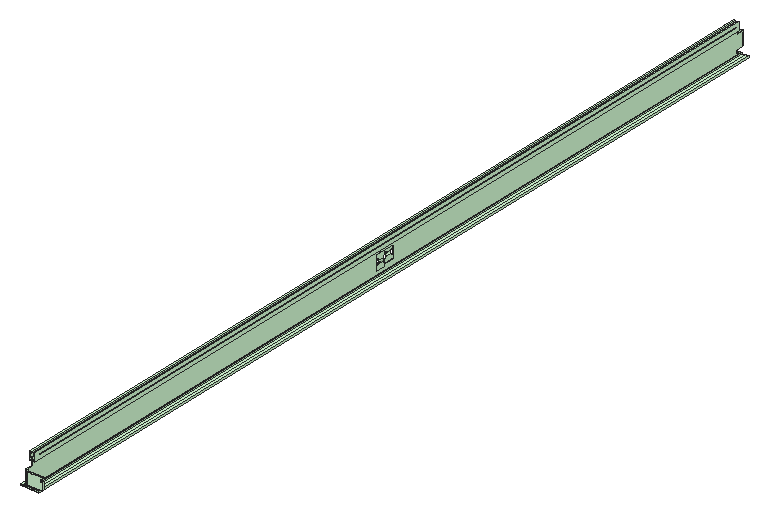
Revit family "eTバー4025メインクロス(600グリッド用)", category 機械設備, Revit 2020
Family settings
  丸型コネクタ寸法 = 直径を使用
  種別 = なし
  パーツ タイプ = 標準
  作業面ベース = いいえ
  常に垂直 = はい
  ロード時にボイドで切り取り = いいえ
  共有 = いいえ
  部屋計算ポイント = いいえ
Parameters
  製造元 = "株式会社桐井製作所"
  既定の高さ = 0 mm
  URL = "https://www.kirii.co.jp/"
  K_長さ(mm) = 1200 mm
  K_材質 = "溶融亜鉛めっき鋼板及び鋼帯SGCC 一般用　カラー鋼板"
  K_品名 = "eTバー4025メインクロス(600グリッド用)"
  K_名称 = "Tバー"
  K_入数 = "25"
  K_バージョン情報 = "20220915"
  K_めっき付着量 = "JIS G 3302 Z12、カラー鋼板　塗装膜厚20μ(白色)"
  K_JIS規格 = "JIS G 3302"
Reference planes
  plane 1 "中心(正面/背面)": y = 0
  plane 2: z = 0
  plane 3 "中心(左/右)": x = 0
  plane 4: y = 1200
Forms (mm)
  Extrusion 1, solid
    sketch origin (0, -1320, 7.1) x (-1, 0, 0) y (0, 0, 1)
      loop
        line (0.65, 26.532) -> (2.4, 24.9) -> (3.5, 24.9) -> (3.5, 34.9) -> (1.403, 34.9) -> (1.403, 33.4) -> (2.203, 33.4) -> (2.141, 29.141) -> (1.059, 28.059) -> (-0.917, 28) -> (-2.141, 29.141) -> (-2.203, 33.4) -> (-1.403, 33.4) -> (-1.403, 34.9) -> (-3.5, 34.9) -> (-3.5, 24.9) -> (-2.4, 24.9) -> (-0.65, 26.476) -> (-0.65, -5.1) -> (-2.488, -5.1) -> (-2.488, -4.3) -> (-3.5, -4.3) -> (-3.5, -5.9) -> (-8.5, -5.9) -> (-8.5, -5.1) -> (-12.5, -5.1) -> (-12.5, -7.1) -> (12.5, -7.1) -> (12.5, -5.1) -> (8.5, -5.1) -> (8.5, -5.9) -> (3.5, -5.9) -> (3.5, -4.3) -> (2.488, -4.3) -> (2.488, -5.1) -> (0.65, -5.1) -> (0.65, 26.532)
    from 1320 to 2520
  Extrusion 2, void
    sketch origin (0.4, 300, 31.85) x (0, 0, 1) y (0, 1, 0)
      loop
        line (-5.5, 284.4) -> (-5.5, 315.6) -> (-23.1, 315.6) -> (-23.1, 284.4) -> (-5.5, 284.4)
    from -0.25 to 1.05
  Extrusion 3, void
    sketch origin (0, 0, 0) x (0, 1, 0) y (0, 0, 1)
      loop
        line (5, 41.941) -> (0, 41.941) -> (0, 25.9) -> (5, 25.9) -> (5, 41.941)
    from -3.77 to 3.77
  Extrusion 4, solid
    sketch origin (-0.114, 0, 16.166) x (1, 0, 0) y (0, 1, 0)
      loop
        line (24.214, -7.2) -> (24.214, -5.9) -> (1.464, -5.9)
        arc (1.464, -5.9) -> (0.969, -5.695) -> (0.764, -5.2) r 0.7
        line (0.764, -5.2) -> (0.764, 0) -> (-0.536, 0) -> (-0.536, -5.2)
        arc (-0.536, -5.2) -> (0.05, -6.614) -> (1.464, -7.2) r 2
        line (1.464, -7.2) -> (24.214, -7.2)
    from -8.266 to 9.734
  Extrusion 5, void
    sketch origin (0, 0, -7.234) x (1, 0, 0) y (0, 0, 1)
      loop
        line (2.6, 31.999) -> (23.1, 31.999)
        arc (23.1, 31.999) -> (23.807, 31.706) -> (24.1, 30.999) r 1
        line (24.1, 30.999) -> (24.1, 33.134) -> (2.6, 33.134) -> (2.6, 31.999)
    from 5.9 to 7.2
  Extrusion 6, void
    sketch origin (0, 0, -7.234) x (1, 0, 0) y (0, 0, 1)
      loop
        line (24.1, 26.599) -> (24.1, 28.599) -> (21.1, 28.599) -> (21.1, 26.599) -> (24.1, 26.599)
    from 5.9 to 7.2
  Extrusion 7, void
    sketch origin (0, 0, 0) x (0, 1, 0) y (0, 0, 1)
      loop
        line (6.9, 7.833) -> (0, 7.833) -> (0, 2.8) -> (6.9, 2.8) -> (6.9, 7.833)
    from -0.65 to 0.65
  Extrusion 8, void
    sketch origin (0, 1200, 0) x (0, -1, 0) y (0, 0, -1)
      loop
        line (5, -41.941) -> (5, -25.737) -> (0, -25.737) -> (0, -41.941) -> (5, -41.941)
    from -3.77 to 3.77
  Extrusion 9, void
    sketch origin (0, 1200, 0) x (0, -1, 0) y (0, 0, -1)
      loop
        line (6.9, -7.833) -> (6.9, -2.8) -> (0, -2.8) -> (0, -7.833) -> (6.9, -7.833)
    from -0.65 to 0.65
  Extrusion 10, solid
    sketch origin (0.114, 1200, 16.166) x (-1, 0, 0) y (0, -1, 0)
      loop
        line (24.214, -7.2) -> (24.214, -5.9) -> (1.464, -5.9)
        arc (1.464, -5.9) -> (0.969, -5.695) -> (0.764, -5.2) r 0.7
        line (0.764, -5.2) -> (0.764, 0) -> (-0.536, 0) -> (-0.536, -5.2)
        arc (-0.536, -5.2) -> (0.05, -6.614) -> (1.464, -7.2) r 2
        line (1.464, -7.2) -> (24.214, -7.2)
    from -8.334 to 9.571
  Extrusion 11, void
    sketch origin (0, 1200, -7.234) x (-1, 0, 0) y (0, 0, 1)
      loop
        line (24.1, 26.599) -> (24.1, 28.599) -> (21.1, 28.599) -> (21.1, 26.599) -> (24.1, 26.599)
    from 5.9 to 7.2
  Extrusion 12, void
    sketch origin (0, 1200, -8.099) x (-1, 0, 0) y (0, 0, 1)
      loop
        line (24.1, 15.931) -> (24.1, 17.999)
        arc (24.1, 17.999) -> (23.231, 17.237) -> (22.1, 16.999) r 2.28
        line (22.1, 16.999) -> (2.6, 16.999) -> (2.6, 15.931) -> (24.1, 15.931)
    from 5.9 to 7.2
  Extrusion 13, void
    sketch origin (0, 1213.6, -7.396) x (-1, 0, 0) y (0, 0, -1)
      loop
        line (2.6, -31.999) -> (2.6, -33.134) -> (24.1, -33.134) -> (24.1, -30.999)
        arc (24.1, -30.999) -> (23.807, -31.706) -> (23.1, -31.999) r 1
        line (23.1, -31.999) -> (2.6, -31.999)
    from 6.4 to 7.7
  Extrusion 14, void
    sketch origin (0, -13.6, -8.031) x (1, 0, 0) y (0, 0, -1)
      loop
        line (24.1, -15.931) -> (2.6, -15.931) -> (2.6, -16.999) -> (22.1, -16.999)
        arc (22.1, -16.999) -> (23.231, -17.237) -> (24.1, -17.999) r 2.28
        line (24.1, -17.999) -> (24.1, -15.931)
    from 6.4 to 7.7
  Extrusion 15, void
    sketch origin (0.4, 318.192, 32.162) x (0, 0, 1) y (0, 1, 0)
      loop
        line (-19.9, 284.4) -> (-8.7, 284.4)
        arc (-8.7, 284.4) -> (-14.3, 287.9) -> (-19.9, 284.4) r 6.23
      loop
        line (-8.7, 297.4) -> (-19.9, 297.4)
        arc (-19.9, 297.4) -> (-14.3, 293.9) -> (-8.7, 297.4) r 6.23
    from 1.2 to 3.447
  Extrusion 16, solid
    sketch origin (0.081, 318.2, -6.51) x (1, 0, 0) y (0, 0, 1)
      loop
        line (-0.387, 33.66) -> (-2.087, 33.66) -> (-2.087, 26.56)
        arc (-2.087, 26.56) -> (-3.087, 24.26) -> (-2.088, 21.96) r 3.145
        line (-2.088, 21.96) -> (-2.087, 14.46) -> (-0.387, 14.46) -> (-0.387, 15.26) -> (-1.487, 15.26) -> (-1.487, 22.238)
        arc (-1.487, 22.238) -> (-2.487, 24.267) -> (-1.476, 26.291) r 2.545
        line (-1.476, 26.291) -> (-1.476, 32.86) -> (-0.387, 32.86) -> (-0.387, 33.66)
    from -297.4 to -284.4
  Extrusion 17, solid
    sketch origin (-0.081, 300, -6.51) x (-1, 0, 0) y (0, 0, -1)
      loop
        line (-0.387, -33.66) -> (-0.387, -32.86) -> (-1.476, -32.86) -> (-1.476, -26.291)
        arc (-1.476, -26.291) -> (-2.487, -24.267) -> (-1.487, -22.238) r 2.545
        line (-1.487, -22.238) -> (-1.487, -15.26) -> (-0.387, -15.26) -> (-0.387, -14.46) -> (-2.087, -14.46) -> (-2.088, -21.96)
        arc (-2.088, -21.96) -> (-3.087, -24.26) -> (-2.087, -26.56) r 3.145
        line (-2.087, -26.56) -> (-2.087, -33.66) -> (-0.387, -33.66)
    from -297.4 to -284.4
  Extrusion 18, void
    sketch origin (-0.4, 299.992, 32.163) x (0, 0, 1) y (0, -1, 0)
      loop
        arc (-19.9, -284.4) -> (-14.3, -287.9) -> (-8.7, -284.4) r 6.23
        line (-8.7, -284.4) -> (-19.9, -284.4)
      loop
        arc (-8.7, -297.4) -> (-14.3, -293.9) -> (-19.9, -297.4) r 6.23
        line (-19.9, -297.4) -> (-8.7, -297.4)
    from 1.2 to 3.447
Cuts and joins
  Extrusion 2, Extrusion 3, Extrusion 7, Extrusion 8, Extrusion 9, Extrusion 13, Extrusion 14 cuts Extrusion 1
  Extrusion 5, Extrusion 6, Extrusion 13, Extrusion 14 cuts Extrusion 4
  Extrusion 11, Extrusion 12, Extrusion 13, Extrusion 14 cuts Extrusion 10
  Extrusion 15 cuts Extrusion 16
  Extrusion 18 cuts Extrusion 17
  joined: Extrusion 1, Extrusion 4, Extrusion 10, Extrusion 16, Extrusion 17
Dimensions and locks
  plane 4 to plane 1 "中心(正面/背面)" = 1200 mm
  aligned and locked: level to plane 2
  aligned and locked: plane 4 to Extrusion 1
